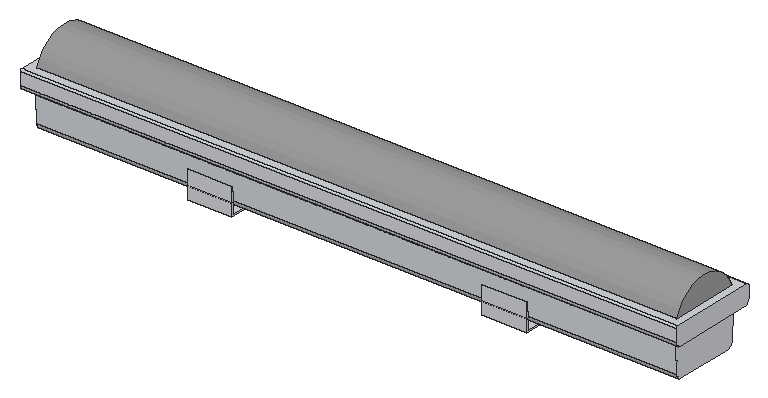
Revit family "0010203", category Lighting Fixtures, host Face, Revit 2017 (continued)
Types (60, lengths in mm): name | Weight | Wattage | TypeName | built-in parameter 1150134 | Photometric Web File | built-in parameter 1150142 | PowerFactor | PowerConsumption | NominalLength | Name | ModelReference | ModelNumber | Model | LuminousEfficacy | built-in parameter 1150105 | Lumens | LampNominalLuminous | LampMacAdamStep | LampColourTemperature | LENGHT_SYL | LENGHT_CHAMFER_SYL | LENGHT-_SYL | LENGHT-_CHAMFER_SYL | L0650_SYL | L1500_SYL | L1200_SYL | built-in parameter 1150107 | built-in parameter 1150106 | built-in parameter 1150104 | DocumentationLiterature | Description | BRACKET_WIDTH_SYL | BRACKET_DIST_SYL | Apparent Load
  0010233 RESISTO 1200 HE IP66 4800LM 840 | "1.51 kg" | 31 W | "Resisto  1200 HE IP66 4800lm 840" | 12 | "0010233.ies" | "IESNA:LM-63-2002\r\n[TEST] 0010233\r\n[TESTLAB]\r\n[MANUFAC] \r\n[LUMCAT]\r\n[LUMINAIRE] Resisto  1200 HE IP66 4800lm 8 40 /4000 \r\n[LAMP] 0010233 Resisto  1200 HE IP66 /4000\r\n[BALLAST] \r\n[ISSUEDATE]\r\n[OTHER] B-Angle = 0.00 B-Tilt = 0.00 2021-02-16\r\nTILT=NONE\r\n1 4800.00 1 37 5 1 2 0.087 1.200 0.040\r\n1.0 1.0 31.00\r\n   0.00   5.00  10.00  15.00  20.00  25.00  30.00  35.00  40.00  45.00\r\n  50.00  55.00  60.00  65.00  70.00  75.00  80.00  85.00  90.00  95.00\r\n 100.00 105.00 110.00 115.00 120.00 125.00 130.00 135.00 140.00 145.00\r\n 150.00 155.00 160.00 165.00 170.00 175.00 180.00\r\n   0.00  22.50  45.00  67.50  90.00\r\n    1585.30    1578.91    1557.22    1520.74    1469.66    1401.70    1317.94\r\n    1219.39    1109.18     989.81     864.72     736.13     606.34     476.21\r\n     348.19     224.11     111.22      27.50       4.18       4.37       4.27\r\n       4.08       4.51       4.99       5.57       6.19       6.82       7.54\r\n       8.26       9.02       9.84      10.61      11.38      12.10      12.72\r\n      13.10      13.30\r\n    1585.30    1570.46    1538.98    1498.70    1452.77    1396.03    1324.27\r\n    1241.28    1151.66    1052.98     942.19     811.20     658.03     504.43\r\n     370.46     260.59     174.00     108.24      60.86      27.89      13.54\r\n       5.33       5.57       6.00       6.48       6.91       7.34       7.92\r\n       8.54       9.31      10.03      10.75      11.47      12.14      12.58\r\n      13.01      13.30\r\n    1585.30    1561.15    1534.03    1512.67    1473.50    1439.71    1393.78\r\n    1337.04    1254.29    1125.07     948.14     769.01     616.85     494.54\r\n     396.24     315.60     248.40     191.57     144.72     104.69      70.94\r\n      43.82      23.71      11.33       8.78       8.98       9.07       9.17\r\n       9.36       9.70      10.13      10.70      11.38      12.05      12.62\r\n      12.96      13.30\r\n    1585.30    1555.73    1542.58    1520.30    1508.74    1481.04    1448.88\r\n    1376.93    1246.27    1070.35     897.55     750.29     627.46     526.90\r\n     443.95     373.97     310.37     252.43     201.26     147.98      99.12\r\n      67.34      45.65      29.04      17.09      10.80      10.61      10.42\r\n      10.32      10.32      10.46      10.80      11.33      12.00      12.62\r\n      13.06      13.30\r\n    1585.30    1554.14    1545.98    1525.30    1522.85    1497.60    1461.26\r\n    1376.26    1223.62    1048.85     887.38     750.24     635.04     542.21\r\n     463.87     396.82     332.78     271.87     213.46     153.31     104.16\r\n      75.26      53.14      36.91      24.53      15.22      12.96      12.67\r\n      12.38      12.19      12.14      12.29      12.58      13.01      13.34\r\n      13.49      13.30\r\n" | 0.95 | "31 W" | 1200 | "Resisto  1200 HE IP66 4800lm 840" | "Resisto  1200 HE IP66 4800lm 840" | "0010233" | "Resisto  1200 HE IP66 4800lm 840" | "155 lm/W" | 1587 (stored number, unit not read) | 4805 lm | "4800 lm" | "3" | "4000 K" | 592 | 600 | -592 | -600 | no | no | yes | 4000 (stored number, unit not read) | 15.87 (stored number, unit not read) | 14.4 (stored number, unit not read) | "http://www.sylvania-lighting.com/product/en-int/products/0010233" | "Resisto, integrated LED weatherproof luminaire, with UV stabilized flat diffuser designed to achieve uniform lit appearance, optimise light output and to reduce glare. 301 stainless steel diffuser clips and fixing brackets for surface mounting. Polycarbonate housing and diffuser - no yellow discolouration over time. 4800lm; 31W; 155lm/W; 4000K; SDCM<3; non dimmable; CRI80; IP66; IK08; Class I; 69,000hrs (L80B20) lifespan; 1200mm x 89mm x 88mm; D-mark." | 400 | 444 | 31 VA
  0010232 RESISTO 1200 HE IP66 2800LM 840 | "1.5 kg" | 18 W | "Resisto  1200 HE IP66 2800lm 840" | 12 | "0010232.ies" | "IESNA:LM-63-2002\r\n[TEST] 0010232\r\n[TESTLAB]\r\n[MANUFAC] \r\n[LUMCAT]\r\n[LUMINAIRE] Resisto  1200 HE IP66 2800lm 8 40 /4000 \r\n[LAMP] 0010232 Resisto  1200 HE IP66 /4000\r\n[BALLAST] \r\n[ISSUEDATE]\r\n[OTHER] B-Angle = 0.00 B-Tilt = 0.00 2021-02-16\r\nTILT=NONE\r\n1 2800.00 1 37 5 1 2 0.087 1.200 0.040\r\n1.0 1.0 18.00\r\n   0.00   5.00  10.00  15.00  20.00  25.00  30.00  35.00  40.00  45.00\r\n  50.00  55.00  60.00  65.00  70.00  75.00  80.00  85.00  90.00  95.00\r\n 100.00 105.00 110.00 115.00 120.00 125.00 130.00 135.00 140.00 145.00\r\n 150.00 155.00 160.00 165.00 170.00 175.00 180.00\r\n   0.00  22.50  45.00  67.50  90.00\r\n     920.25     916.16     903.39     881.58     851.51     811.86     762.22\r\n     704.59     640.53     571.26     498.57     424.09     349.02     273.95\r\n     200.48     129.08      64.18      16.44       2.49       2.46       2.55\r\n       2.35       2.52       2.80       3.14       3.47       3.84       4.26\r\n       4.68       5.12       5.60       6.05       6.50       6.92       7.25\r\n       7.48       7.62\r\n     920.25     914.98     897.79     871.81     841.74     808.05     766.30\r\n     716.74     662.82     605.22     542.33     469.95     385.36     297.58\r\n     218.79     153.41     101.86      62.69      34.80      15.71       7.48\r\n       2.97       3.14       3.39       3.67       3.92       4.20       4.54\r\n       4.93       5.35       5.77       6.19       6.61       6.97       7.25\r\n       7.48       7.62\r\n     920.25     910.73     890.32     876.46     854.70     830.14     805.45\r\n     771.12     727.55     658.70     561.04     455.90     364.20     290.72\r\n     232.06     184.27     144.65     111.30      83.92      60.73      41.41\r\n      25.65      13.89       6.47       4.98       5.10       5.15       5.21\r\n       5.32       5.52       5.77       6.10       6.50       6.89       7.22\r\n       7.45       7.62\r\n     920.25     907.14     893.34     883.18     871.08     858.73     838.96\r\n     802.51     735.45     635.46     532.84     443.74     370.30     309.90\r\n     260.18     218.51     181.36     147.64     118.24      88.48      59.44\r\n      40.32      27.13      17.16       9.97       6.16       6.05       5.96\r\n       5.91       5.94       5.99       6.19       6.50       6.92       7.28\r\n       7.53       7.62\r\n     920.25     906.22     895.47     885.05     880.82     867.13     850.36\r\n     806.85     725.45     623.59     526.46     444.02     375.09     319.23\r\n     272.75     233.07     196.00     160.72     127.26      92.93      62.80\r\n      45.22      31.75      22.06      14.62       8.99       7.48       7.28\r\n       7.11       7.00       6.97       7.06       7.22       7.48       7.67\r\n       7.73       7.62\r\n" | 0.95 | "18 W" | 1200 | "Resisto  1200 HE IP66 2800lm 840" | "Resisto  1200 HE IP66 2800lm 840" | "0010232" | "Resisto  1200 HE IP66 2800lm 840" | "156 lm/W" | 922.88 (stored number, unit not read) | 2808 lm | "2800 lm" | "3" | "4000 K" | 592 | 600 | -592 | -600 | no | no | yes | 4000 (stored number, unit not read) | 9.2288 (stored number, unit not read) | 14.493 (stored number, unit not read) | "http://www.sylvania-lighting.com/product/en-int/products/0010232" | "Resisto, integrated LED weatherproof luminaire, with UV stabilized flat diffuser designed to achieve uniform lit appearance, optimise light output and to reduce glare. 301 stainless steel diffuser clips and fixing brackets for surface mounting. Polycarbonate housing and diffuser - no yellow discolouration over time. 2800lm; 18W; 156lm/W; 4000K; SDCM<3; non dimmable; CRI80; IP66; IK08; Class I; 69,000hrs (L80B20) lifespan; 1200mm x 89mm x 88mm; D-mark." | 400 | 444 | 18 VA
  0010225 RESISTO 1200 IP66 DALI 4800LM 840 | "1.62 kg" | 35 W | "Resisto  1200 IP66 DALI 4800lm 840" | 12 | "0010225.ies" | "IESNA:LM-63-2002\r\n[TEST] 0010225\r\n[TESTLAB]\r\n[MANUFAC] \r\n[LUMCAT]\r\n[LUMINAIRE] Resisto  1200 IP66 DALI 4800lm  840 /4000 \r\n[LAMP] 0010225 Resisto  1200 IP66 DAL/4000\r\n[BALLAST] \r\n[ISSUEDATE]\r\n[OTHER] B-Angle = 0.00 B-Tilt = 0.00 2021-02-16\r\nTILT=NONE\r\n1 4800.00 1 37 5 1 2 0.087 1.200 0.040\r\n1.0 1.0 35.00\r\n   0.00   5.00  10.00  15.00  20.00  25.00  30.00  35.00  40.00  45.00\r\n  50.00  55.00  60.00  65.00  70.00  75.00  80.00  85.00  90.00  95.00\r\n 100.00 105.00 110.00 115.00 120.00 125.00 130.00 135.00 140.00 145.00\r\n 150.00 155.00 160.00 165.00 170.00 175.00 180.00\r\n   0.00  22.50  45.00  67.50  90.00\r\n    1585.30    1578.91    1557.22    1520.74    1469.66    1401.70    1317.94\r\n    1219.39    1109.18     989.81     864.72     736.13     606.34     476.21\r\n     348.19     224.11     111.22      27.50       4.18       4.37       4.27\r\n       4.08       4.51       4.99       5.57       6.19       6.82       7.54\r\n       8.26       9.02       9.84      10.61      11.38      12.10      12.72\r\n      13.10      13.30\r\n    1585.30    1570.46    1538.98    1498.70    1452.77    1396.03    1324.27\r\n    1241.28    1151.66    1052.98     942.19     811.20     658.03     504.43\r\n     370.46     260.59     174.00     108.24      60.86      27.89      13.54\r\n       5.33       5.57       6.00       6.48       6.91       7.34       7.92\r\n       8.54       9.31      10.03      10.75      11.47      12.14      12.58\r\n      13.01      13.30\r\n    1585.30    1561.15    1534.03    1512.67    1473.50    1439.71    1393.78\r\n    1337.04    1254.29    1125.07     948.14     769.01     616.85     494.54\r\n     396.24     315.60     248.40     191.57     144.72     104.69      70.94\r\n      43.82      23.71      11.33       8.78       8.98       9.07       9.17\r\n       9.36       9.70      10.13      10.70      11.38      12.05      12.62\r\n      12.96      13.30\r\n    1585.30    1555.73    1542.58    1520.30    1508.74    1481.04    1448.88\r\n    1376.93    1246.27    1070.35     897.55     750.29     627.46     526.90\r\n     443.95     373.97     310.37     252.43     201.26     147.98      99.12\r\n      67.34      45.65      29.04      17.09      10.80      10.61      10.42\r\n      10.32      10.32      10.46      10.80      11.33      12.00      12.62\r\n      13.06      13.30\r\n    1585.30    1554.14    1545.98    1525.30    1522.85    1497.60    1461.26\r\n    1376.26    1223.62    1048.85     887.38     750.24     635.04     542.21\r\n     463.87     396.82     332.78     271.87     213.46     153.31     104.16\r\n      75.26      53.14      36.91      24.53      15.22      12.96      12.67\r\n      12.38      12.19      12.14      12.29      12.58      13.01      13.34\r\n      13.49      13.30\r\n" | 0.98 | "35 W" | 1200 | "Resisto  1200 IP66 DALI 4800lm 840" | "Resisto  1200 IP66 DALI 4800lm 840" | "0010225" | "Resisto  1200 IP66 DALI 4800lm 840" | "137 lm/W" | 1583.6 (stored number, unit not read) | 4795 lm | "4800 lm" | "5" | "4000 K" | 592 | 600 | -592 | -600 | no | no | yes | 4000 (stored number, unit not read) | 15.836 (stored number, unit not read) | 12.728 (stored number, unit not read) | "http://www.sylvania-lighting.com/product/en-int/products/0010225" | "Resisto, integrated LED weatherproof luminaire, with UV stabilized flat diffuser designed to achieve uniform lit appearance, optimise light output and to reduce glare. 301 stainless steel diffuser clips and fixing brackets for surface mounting. Polycarbonate housing and diffuser - no yellow discolouration over time. 4800lm; 35W; 137lm/W; 4000K; SDCM<5; DALI dimmable; CRI80; IP66; IK08; Class I; 69,000hrs (L80B20) lifespan; 1200mm x 89mm x 88mm; D-mark." | 400 | 444 | 35 VA
  0010224 RESISTO 1200 IP66 DALI 2800LM 840 | "1.59 kg" | 21 W | "Resisto  1200 IP66 DALI 2800lm 840" | 12 | "0010224.ies" | "IESNA:LM-63-2002\r\n[TEST] 0010224\r\n[TESTLAB]\r\n[MANUFAC] \r\n[LUMCAT]\r\n[LUMINAIRE] Resisto  1200 IP66 DALI 2800lm  840 /4000 \r\n[LAMP] 0010224 Resisto  1200 IP66 DAL/4000\r\n[BALLAST] \r\n[ISSUEDATE]\r\n[OTHER] B-Angle = 0.00 B-Tilt = 0.00 2021-02-16\r\nTILT=NONE\r\n1 2800.00 1 37 5 1 2 0.087 1.200 0.040\r\n1.0 1.0 21.00\r\n   0.00   5.00  10.00  15.00  20.00  25.00  30.00  35.00  40.00  45.00\r\n  50.00  55.00  60.00  65.00  70.00  75.00  80.00  85.00  90.00  95.00\r\n 100.00 105.00 110.00 115.00 120.00 125.00 130.00 135.00 140.00 145.00\r\n 150.00 155.00 160.00 165.00 170.00 175.00 180.00\r\n   0.00  22.50  45.00  67.50  90.00\r\n     920.25     916.16     903.39     881.58     851.51     811.86     762.22\r\n     704.59     640.53     571.26     498.57     424.09     349.02     273.95\r\n     200.48     129.08      64.18      16.44       2.49       2.46       2.55\r\n       2.35       2.52       2.80       3.14       3.47       3.84       4.26\r\n       4.68       5.12       5.60       6.05       6.50       6.92       7.25\r\n       7.48       7.62\r\n     920.25     914.98     897.79     871.81     841.74     808.05     766.30\r\n     716.74     662.82     605.22     542.33     469.95     385.36     297.58\r\n     218.79     153.41     101.86      62.69      34.80      15.71       7.48\r\n       2.97       3.14       3.39       3.67       3.92       4.20       4.54\r\n       4.93       5.35       5.77       6.19       6.61       6.97       7.25\r\n       7.48       7.62\r\n     920.25     910.73     890.32     876.46     854.70     830.14     805.45\r\n     771.12     727.55     658.70     561.04     455.90     364.20     290.72\r\n     232.06     184.27     144.65     111.30      83.92      60.73      41.41\r\n      25.65      13.89       6.47       4.98       5.10       5.15       5.21\r\n       5.32       5.52       5.77       6.10       6.50       6.89       7.22\r\n       7.45       7.62\r\n     920.25     907.14     893.34     883.18     871.08     858.73     838.96\r\n     802.51     735.45     635.46     532.84     443.74     370.30     309.90\r\n     260.18     218.51     181.36     147.64     118.24      88.48      59.44\r\n      40.32      27.13      17.16       9.97       6.16       6.05       5.96\r\n       5.91       5.94       5.99       6.19       6.50       6.92       7.28\r\n       7.53       7.62\r\n     920.25     906.22     895.47     885.05     880.82     867.13     850.36\r\n     806.85     725.45     623.59     526.46     444.02     375.09     319.23\r\n     272.75     233.07     196.00     160.72     127.26      92.93      62.80\r\n      45.22      31.75      22.06      14.62       8.99       7.48       7.28\r\n       7.11       7.00       6.97       7.06       7.22       7.48       7.67\r\n       7.73       7.62\r\n" | 0.98 | "21 W" | 1200 | "Resisto  1200 IP66 DALI 2800lm 840" | "Resisto  1200 IP66 DALI 2800lm 840" | "0010224" | "Resisto  1200 IP66 DALI 2800lm 840" | "133 lm/W" | 917.95 (stored number, unit not read) | 2793 lm | "2800 lm" | "5" | "4000 K" | 592 | 600 | -592 | -600 | no | no | yes | 4000 (stored number, unit not read) | 9.1795 (stored number, unit not read) | 12.356 (stored number, unit not read) | "http://www.sylvania-lighting.com/product/en-int/products/0010224" | "Resisto, integrated LED weatherproof luminaire, with UV stabilized flat diffuser designed to achieve uniform lit appearance, optimise light output and to reduce glare. 301 stainless steel diffuser clips and fixing brackets for surface mounting. Polycarbonate housing and diffuser - no yellow discolouration over time. 2800lm; 21W; 133lm/W; 4000K; SDCM<5; DALI dimmable; CRI80; IP66; IK08; Class I; 69,000hrs (L80B20) lifespan; 1200mm x 89mm x 88mm; D-mark." | 400 | 444 | 21 VA
  0010223 RESISTO 1200 IP66 MWCOR 4800LM 840 | "1.72 kg" | 35 W | "Resisto  1200 IP66 MWcor 4800lm 840" | 12 | "0010223.ies" | "IESNA:LM-63-2002\r\n[TEST] 0010223\r\n[TESTLAB]\r\n[MANUFAC] \r\n[LUMCAT]\r\n[LUMINAIRE] Resisto  1200 IP66 MWcor 4800l m 840 /4000 \r\n[LAMP] 0010223 Resisto  1200 IP66 MWc/4000\r\n[BALLAST] \r\n[ISSUEDATE]\r\n[OTHER] B-Angle = 0.00 B-Tilt = 0.00 2021-02-16\r\nTILT=NONE\r\n1 4800.00 1 37 5 1 2 0.087 1.200 0.040\r\n1.0 1.0 35.00\r\n   0.00   5.00  10.00  15.00  20.00  25.00  30.00  35.00  40.00  45.00\r\n  50.00  55.00  60.00  65.00  70.00  75.00  80.00  85.00  90.00  95.00\r\n 100.00 105.00 110.00 115.00 120.00 125.00 130.00 135.00 140.00 145.00\r\n 150.00 155.00 160.00 165.00 170.00 175.00 180.00\r\n   0.00  22.50  45.00  67.50  90.00\r\n    1585.30    1578.91    1557.22    1520.74    1469.66    1401.70    1317.94\r\n    1219.39    1109.18     989.81     864.72     736.13     606.34     476.21\r\n     348.19     224.11     111.22      27.50       4.18       4.37       4.27\r\n       4.08       4.51       4.99       5.57       6.19       6.82       7.54\r\n       8.26       9.02       9.84      10.61      11.38      12.10      12.72\r\n      13.10      13.30\r\n    1585.30    1570.46    1538.98    1498.70    1452.77    1396.03    1324.27\r\n    1241.28    1151.66    1052.98     942.19     811.20     658.03     504.43\r\n     370.46     260.59     174.00     108.24      60.86      27.89      13.54\r\n       5.33       5.57       6.00       6.48       6.91       7.34       7.92\r\n       8.54       9.31      10.03      10.75      11.47      12.14      12.58\r\n      13.01      13.30\r\n    1585.30    1561.15    1534.03    1512.67    1473.50    1439.71    1393.78\r\n    1337.04    1254.29    1125.07     948.14     769.01     616.85     494.54\r\n     396.24     315.60     248.40     191.57     144.72     104.69      70.94\r\n      43.82      23.71      11.33       8.78       8.98       9.07       9.17\r\n       9.36       9.70      10.13      10.70      11.38      12.05      12.62\r\n      12.96      13.30\r\n    1585.30    1555.73    1542.58    1520.30    1508.74    1481.04    1448.88\r\n    1376.93    1246.27    1070.35     897.55     750.29     627.46     526.90\r\n     443.95     373.97     310.37     252.43     201.26     147.98      99.12\r\n      67.34      45.65      29.04      17.09      10.80      10.61      10.42\r\n      10.32      10.32      10.46      10.80      11.33      12.00      12.62\r\n      13.06      13.30\r\n    1585.30    1554.14    1545.98    1525.30    1522.85    1497.60    1461.26\r\n    1376.26    1223.62    1048.85     887.38     750.24     635.04     542.21\r\n     463.87     396.82     332.78     271.87     213.46     153.31     104.16\r\n      75.26      53.14      36.91      24.53      15.22      12.96      12.67\r\n      12.38      12.19      12.14      12.29      12.58      13.01      13.34\r\n      13.49      13.30\r\n" | 0.98 | "35 W" | 1200 | "Resisto  1200 IP66 MWcor 4800lm 840" | "Resisto  1200 IP66 MWcor 4800lm 840" | "0010223" | "Resisto  1200 IP66 MWcor 4800lm 840" | "137 lm/W" | 1583.6 (stored number, unit not read) | 4795 lm | "4800 lm" | "5" | "4000 K" | 592 | 600 | -592 | -600 | no | no | yes | 4000 (stored number, unit not read) | 15.836 (stored number, unit not read) | 12.728 (stored number, unit not read) | "http://www.sylvania-lighting.com/product/en-int/products/0010223" | "Resisto, integrated LED weatherproof luminaire, with UV stabilized flat diffuser designed to achieve uniform lit appearance, optimise light output and to reduce glare. 301 stainless steel diffuser clips and fixing brackets for surface mounting. Polycarbonate housing and diffuser - no yellow discolouration over time. 4800lm; 35W; 137lm/W; 4000K; SDCM<5; non dimmable; CRI80; IP66; IK08; Class I; 69,000hrs (L80B20) lifespan; 1200mm x 89mm x 88mm; D-mark; corridor function with microwave presence sensor." | 400 | 444 | 35 VA
  0010222 RESISTO 1200 IP66 MWCOR 2800LM 840 | "1.64 kg" | 21 W | "Resisto  1200 IP66 MWcor 2800lm 840" | 12 | "0010222.ies" | "IESNA:LM-63-2002\r\n[TEST] 0010222\r\n[TESTLAB]\r\n[MANUFAC] \r\n[LUMCAT]\r\n[LUMINAIRE] Resisto  1200 IP66 MWcor 2800l m 840 /4000 \r\n[LAMP] 0010222 Resisto  1200 IP66 MWc/4000\r\n[BALLAST] \r\n[ISSUEDATE]\r\n[OTHER] B-Angle = 0.00 B-Tilt = 0.00 2021-02-16\r\nTILT=NONE\r\n1 2800.00 1 37 5 1 2 0.087 1.200 0.040\r\n1.0 1.0 21.00\r\n   0.00   5.00  10.00  15.00  20.00  25.00  30.00  35.00  40.00  45.00\r\n  50.00  55.00  60.00  65.00  70.00  75.00  80.00  85.00  90.00  95.00\r\n 100.00 105.00 110.00 115.00 120.00 125.00 130.00 135.00 140.00 145.00\r\n 150.00 155.00 160.00 165.00 170.00 175.00 180.00\r\n   0.00  22.50  45.00  67.50  90.00\r\n     920.25     916.16     903.39     881.58     851.51     811.86     762.22\r\n     704.59     640.53     571.26     498.57     424.09     349.02     273.95\r\n     200.48     129.08      64.18      16.44       2.49       2.46       2.55\r\n       2.35       2.52       2.80       3.14       3.47       3.84       4.26\r\n       4.68       5.12       5.60       6.05       6.50       6.92       7.25\r\n       7.48       7.62\r\n     920.25     914.98     897.79     871.81     841.74     808.05     766.30\r\n     716.74     662.82     605.22     542.33     469.95     385.36     297.58\r\n     218.79     153.41     101.86      62.69      34.80      15.71       7.48\r\n       2.97       3.14       3.39       3.67       3.92       4.20       4.54\r\n       4.93       5.35       5.77       6.19       6.61       6.97       7.25\r\n       7.48       7.62\r\n     920.25     910.73     890.32     876.46     854.70     830.14     805.45\r\n     771.12     727.55     658.70     561.04     455.90     364.20     290.72\r\n     232.06     184.27     144.65     111.30      83.92      60.73      41.41\r\n      25.65      13.89       6.47       4.98       5.10       5.15       5.21\r\n       5.32       5.52       5.77       6.10       6.50       6.89       7.22\r\n       7.45       7.62\r\n     920.25     907.14     893.34     883.18     871.08     858.73     838.96\r\n     802.51     735.45     635.46     532.84     443.74     370.30     309.90\r\n     260.18     218.51     181.36     147.64     118.24      88.48      59.44\r\n      40.32      27.13      17.16       9.97       6.16       6.05       5.96\r\n       5.91       5.94       5.99       6.19       6.50       6.92       7.28\r\n       7.53       7.62\r\n     920.25     906.22     895.47     885.05     880.82     867.13     850.36\r\n     806.85     725.45     623.59     526.46     444.02     375.09     319.23\r\n     272.75     233.07     196.00     160.72     127.26      92.93      62.80\r\n      45.22      31.75      22.06      14.62       8.99       7.48       7.28\r\n       7.11       7.00       6.97       7.06       7.22       7.48       7.67\r\n       7.73       7.62\r\n" | 0.98 | "21 W" | 1200 | "Resisto  1200 IP66 MWcor 2800lm 840" | "Resisto  1200 IP66 MWcor 2800lm 840" | "0010222" | "Resisto  1200 IP66 MWcor 2800lm 840" | "133 lm/W" | 917.95 (stored number, unit not read) | 2793 lm | "2800 lm" | "5" | "4000 K" | 592 | 600 | -592 | -600 | no | no | yes | 4000 (stored number, unit not read) | 9.1795 (stored number, unit not read) | 12.356 (stored number, unit not read) | "http://www.sylvania-lighting.com/product/en-int/products/0010222" | "Resisto, integrated LED weatherproof luminaire, with UV stabilized flat diffuser designed to achieve uniform lit appearance, optimise light output and to reduce glare. 301 stainless steel diffuser clips and fixing brackets for surface mounting. Polycarbonate housing and diffuser - no yellow discolouration over time. 2800lm; 21W; 133lm/W; 4000K; SDCM<5; non dimmable; CRI80; IP66; IK08; Class I; 69,000hrs (L80B20) lifespan; 1200mm x 89mm x 88mm; D-mark; corridor function with microwave presence sensor." | 400 | 444 | 21 VA
  0010221 RESISTO 1200 IP66 MW 4800LM 840 | "1.59 kg" | 35 W | "Resisto  1200 IP66 MW 4800lm 840" | 12 | "0010221.ies" | "IESNA:LM-63-2002\r\n[TEST] 0010221\r\n[TESTLAB]\r\n[MANUFAC] \r\n[LUMCAT]\r\n[LUMINAIRE] Resisto  1200 IP66 MW 4800lm 8 40 /4000 \r\n[LAMP] 0010221 Resisto  1200 IP66 MW /4000\r\n[BALLAST] \r\n[ISSUEDATE]\r\n[OTHER] B-Angle = 0.00 B-Tilt = 0.00 2021-02-16\r\nTILT=NONE\r\n1 4800.00 1 37 5 1 2 0.087 1.200 0.040\r\n1.0 1.0 35.00\r\n   0.00   5.00  10.00  15.00  20.00  25.00  30.00  35.00  40.00  45.00\r\n  50.00  55.00  60.00  65.00  70.00  75.00  80.00  85.00  90.00  95.00\r\n 100.00 105.00 110.00 115.00 120.00 125.00 130.00 135.00 140.00 145.00\r\n 150.00 155.00 160.00 165.00 170.00 175.00 180.00\r\n   0.00  22.50  45.00  67.50  90.00\r\n    1585.30    1578.91    1557.22    1520.74    1469.66    1401.70    1317.94\r\n    1219.39    1109.18     989.81     864.72     736.13     606.34     476.21\r\n     348.19     224.11     111.22      27.50       4.18       4.37       4.27\r\n       4.08       4.51       4.99       5.57       6.19       6.82       7.54\r\n       8.26       9.02       9.84      10.61      11.38      12.10      12.72\r\n      13.10      13.30\r\n    1585.30    1570.46    1538.98    1498.70    1452.77    1396.03    1324.27\r\n    1241.28    1151.66    1052.98     942.19     811.20     658.03     504.43\r\n     370.46     260.59     174.00     108.24      60.86      27.89      13.54\r\n       5.33       5.57       6.00       6.48       6.91       7.34       7.92\r\n       8.54       9.31      10.03      10.75      11.47      12.14      12.58\r\n      13.01      13.30\r\n    1585.30    1561.15    1534.03    1512.67    1473.50    1439.71    1393.78\r\n    1337.04    1254.29    1125.07     948.14     769.01     616.85     494.54\r\n     396.24     315.60     248.40     191.57     144.72     104.69      70.94\r\n      43.82      23.71      11.33       8.78       8.98       9.07       9.17\r\n       9.36       9.70      10.13      10.70      11.38      12.05      12.62\r\n      12.96      13.30\r\n    1585.30    1555.73    1542.58    1520.30    1508.74    1481.04    1448.88\r\n    1376.93    1246.27    1070.35     897.55     750.29     627.46     526.90\r\n     443.95     373.97     310.37     252.43     201.26     147.98      99.12\r\n      67.34      45.65      29.04      17.09      10.80      10.61      10.42\r\n      10.32      10.32      10.46      10.80      11.33      12.00      12.62\r\n      13.06      13.30\r\n    1585.30    1554.14    1545.98    1525.30    1522.85    1497.60    1461.26\r\n    1376.26    1223.62    1048.85     887.38     750.24     635.04     542.21\r\n     463.87     396.82     332.78     271.87     213.46     153.31     104.16\r\n      75.26      53.14      36.91      24.53      15.22      12.96      12.67\r\n      12.38      12.19      12.14      12.29      12.58      13.01      13.34\r\n      13.49      13.30\r\n" | 0.95 | "35 W" | 1200 | "Resisto  1200 IP66 MW 4800lm 840" | "Resisto  1200 IP66 MW 4800lm 840" | "0010221" | "Resisto  1200 IP66 MW 4800lm 840" | "137 lm/W" | 1583.6 (stored number, unit not read) | 4795 lm | "4800 lm" | "5" | "4000 K" | 592 | 600 | -592 | -600 | no | no | yes | 4000 (stored number, unit not read) | 15.836 (stored number, unit not read) | 12.728 (stored number, unit not read) | "http://www.sylvania-lighting.com/product/en-int/products/0010221" | "Resisto, integrated LED weatherproof luminaire, with UV stabilized flat diffuser designed to achieve uniform lit appearance, optimise light output and to reduce glare. 301 stainless steel diffuser clips and fixing brackets for surface mounting. Polycarbonate housing and diffuser - no yellow discolouration over time. 4800lm; 35W; 137lm/W; 4000K; SDCM<5; non dimmable; CRI80; IP66; IK08; Class I; 69,000hrs (L80B20) lifespan; 1200mm x 89mm x 88mm; D-mark; MW On/Off." | 400 | 444 | 35 VA
  0010220 RESISTO 1200 IP66 MW 2800LM 840 | "1.55 kg" | 21 W | "Resisto  1200 IP66 MW 2800lm 840" | 12 | "0010220.ies" | "IESNA:LM-63-2002\r\n[TEST] 0010220\r\n[TESTLAB]\r\n[MANUFAC] \r\n[LUMCAT]\r\n[LUMINAIRE] Resisto  1200 IP66 MW 2800lm 8 40 /4000 \r\n[LAMP] 0010220 Resisto  1200 IP66 MW /4000\r\n[BALLAST] \r\n[ISSUEDATE]\r\n[OTHER] B-Angle = 0.00 B-Tilt = 0.00 2021-02-16\r\nTILT=NONE\r\n1 2800.00 1 37 5 1 2 0.087 1.200 0.040\r\n1.0 1.0 21.00\r\n   0.00   5.00  10.00  15.00  20.00  25.00  30.00  35.00  40.00  45.00\r\n  50.00  55.00  60.00  65.00  70.00  75.00  80.00  85.00  90.00  95.00\r\n 100.00 105.00 110.00 115.00 120.00 125.00 130.00 135.00 140.00 145.00\r\n 150.00 155.00 160.00 165.00 170.00 175.00 180.00\r\n   0.00  22.50  45.00  67.50  90.00\r\n     920.25     916.16     903.39     881.58     851.51     811.86     762.22\r\n     704.59     640.53     571.26     498.57     424.09     349.02     273.95\r\n     200.48     129.08      64.18      16.44       2.49       2.46       2.55\r\n       2.35       2.52       2.80       3.14       3.47       3.84       4.26\r\n       4.68       5.12       5.60       6.05       6.50       6.92       7.25\r\n       7.48       7.62\r\n     920.25     914.98     897.79     871.81     841.74     808.05     766.30\r\n     716.74     662.82     605.22     542.33     469.95     385.36     297.58\r\n     218.79     153.41     101.86      62.69      34.80      15.71       7.48\r\n       2.97       3.14       3.39       3.67       3.92       4.20       4.54\r\n       4.93       5.35       5.77       6.19       6.61       6.97       7.25\r\n       7.48       7.62\r\n     920.25     910.73     890.32     876.46     854.70     830.14     805.45\r\n     771.12     727.55     658.70     561.04     455.90     364.20     290.72\r\n     232.06     184.27     144.65     111.30      83.92      60.73      41.41\r\n      25.65      13.89       6.47       4.98       5.10       5.15       5.21\r\n       5.32       5.52       5.77       6.10       6.50       6.89       7.22\r\n       7.45       7.62\r\n     920.25     907.14     893.34     883.18     871.08     858.73     838.96\r\n     802.51     735.45     635.46     532.84     443.74     370.30     309.90\r\n     260.18     218.51     181.36     147.64     118.24      88.48      59.44\r\n      40.32      27.13      17.16       9.97       6.16       6.05       5.96\r\n       5.91       5.94       5.99       6.19       6.50       6.92       7.28\r\n       7.53       7.62\r\n     920.25     906.22     895.47     885.05     880.82     867.13     850.36\r\n     806.85     725.45     623.59     526.46     444.02     375.09     319.23\r\n     272.75     233.07     196.00     160.72     127.26      92.93      62.80\r\n      45.22      31.75      22.06      14.62       8.99       7.48       7.28\r\n       7.11       7.00       6.97       7.06       7.22       7.48       7.67\r\n       7.73       7.62\r\n" | 0.95 | "21 W" | 1200 | "Resisto  1200 IP66 MW 2800lm 840" | "Resisto  1200 IP66 MW 2800lm 840" | "0010220" | "Resisto  1200 IP66 MW 2800lm 840" | "133 lm/W" | 917.95 (stored number, unit not read) | 2793 lm | "2800 lm" | "5" | "4000 K" | 592 | 600 | -592 | -600 | no | no | yes | 4000 (stored number, unit not read) | 9.1795 (stored number, unit not read) | 12.356 (stored number, unit not read) | "http://www.sylvania-lighting.com/product/en-int/products/0010220" | "Resisto, integrated LED weatherproof luminaire, with UV stabilized flat diffuser designed to achieve uniform lit appearance, optimise light output and to reduce glare. 301 stainless steel diffuser clips and fixing brackets for surface mounting. Polycarbonate housing and diffuser - no yellow discolouration over time. 2800lm; 21W; 133lm/W; 4000K; SDCM<5; non dimmable; CRI80; IP66; IK08; Class I; 69,000hrs (L80B20) lifespan; 1200mm x 89mm x 88mm; D-mark; MW On/Off." | 400 | 444 | 21 VA
  0010219 RESISTO 1200 IP66 4800LM 840 EM | "2.16 kg" | 39 W | "Resisto  1200 IP66 4800lm 840 EM" | 12 | "0010219.ies" | "IESNA:LM-63-2002\r\n[TEST] 0010219\r\n[TESTLAB]\r\n[MANUFAC] \r\n[LUMCAT]\r\n[LUMINAIRE] Resisto  1200 IP66 4800lm 840  EM /4000 \r\n[LAMP] 0010219 Resisto  1200 IP66 480/4000\r\n[BALLAST] \r\n[ISSUEDATE]\r\n[OTHER] B-Angle = 0.00 B-Tilt = 0.00 2021-02-16\r\nTILT=NONE\r\n1 4800.00 1 37 5 1 2 0.087 1.200 0.040\r\n1.0 1.0 39.00\r\n   0.00   5.00  10.00  15.00  20.00  25.00  30.00  35.00  40.00  45.00\r\n  50.00  55.00  60.00  65.00  70.00  75.00  80.00  85.00  90.00  95.00\r\n 100.00 105.00 110.00 115.00 120.00 125.00 130.00 135.00 140.00 145.00\r\n 150.00 155.00 160.00 165.00 170.00 175.00 180.00\r\n   0.00  22.50  45.00  67.50  90.00\r\n    1585.30    1578.91    1557.22    1520.74    1469.66    1401.70    1317.94\r\n    1219.39    1109.18     989.81     864.72     736.13     606.34     476.21\r\n     348.19     224.11     111.22      27.50       4.18       4.37       4.27\r\n       4.08       4.51       4.99       5.57       6.19       6.82       7.54\r\n       8.26       9.02       9.84      10.61      11.38      12.10      12.72\r\n      13.10      13.30\r\n    1585.30    1570.46    1538.98    1498.70    1452.77    1396.03    1324.27\r\n    1241.28    1151.66    1052.98     942.19     811.20     658.03     504.43\r\n     370.46     260.59     174.00     108.24      60.86      27.89      13.54\r\n       5.33       5.57       6.00       6.48       6.91       7.34       7.92\r\n       8.54       9.31      10.03      10.75      11.47      12.14      12.58\r\n      13.01      13.30\r\n    1585.30    1561.15    1534.03    1512.67    1473.50    1439.71    1393.78\r\n    1337.04    1254.29    1125.07     948.14     769.01     616.85     494.54\r\n     396.24     315.60     248.40     191.57     144.72     104.69      70.94\r\n      43.82      23.71      11.33       8.78       8.98       9.07       9.17\r\n       9.36       9.70      10.13      10.70      11.38      12.05      12.62\r\n      12.96      13.30\r\n    1585.30    1555.73    1542.58    1520.30    1508.74    1481.04    1448.88\r\n    1376.93    1246.27    1070.35     897.55     750.29     627.46     526.90\r\n     443.95     373.97     310.37     252.43     201.26     147.98      99.12\r\n      67.34      45.65      29.04      17.09      10.80      10.61      10.42\r\n      10.32      10.32      10.46      10.80      11.33      12.00      12.62\r\n      13.06      13.30\r\n    1585.30    1554.14    1545.98    1525.30    1522.85    1497.60    1461.26\r\n    1376.26    1223.62    1048.85     887.38     750.24     635.04     542.21\r\n     463.87     396.82     332.78     271.87     213.46     153.31     104.16\r\n      75.26      53.14      36.91      24.53      15.22      12.96      12.67\r\n      12.38      12.19      12.14      12.29      12.58      13.01      13.34\r\n      13.49      13.30\r\n" | 0.95 | "39 W" | 1200 | "Resisto  1200 IP66 4800lm 840 EM" | "Resisto  1200 IP66 4800lm 840 EM" | "0010219" | "Resisto  1200 IP66 4800lm 840 EM" | "123 lm/W" | 1584.3 (stored number, unit not read) | 4797 lm | "4800 lm" | "5" | "4000 K" | 592 | 600 | -592 | -600 | no | no | yes | 4000 (stored number, unit not read) | 15.843 (stored number, unit not read) | 11.427 (stored number, unit not read) | "http://www.sylvania-lighting.com/product/en-int/products/0010219" | "Resisto, integrated LED weatherproof luminaire, with UV stabilized flat diffuser designed to achieve uniform lit appearance, optimise light output and to reduce glare. 301 stainless steel diffuser clips and fixing brackets for surface mounting. Polycarbonate housing and diffuser - no yellow discolouration over time. 4800lm; 39W; 123lm/W; 4000K; SDCM<5; non dimmable; CRI80; IP66; IK08; Class I; 69,000hrs (L80B20) lifespan; 1200mm x 89mm x 88mm; D-mark; 3-hour maintained emergency batteries." | 400 | 444 | 39 VA
